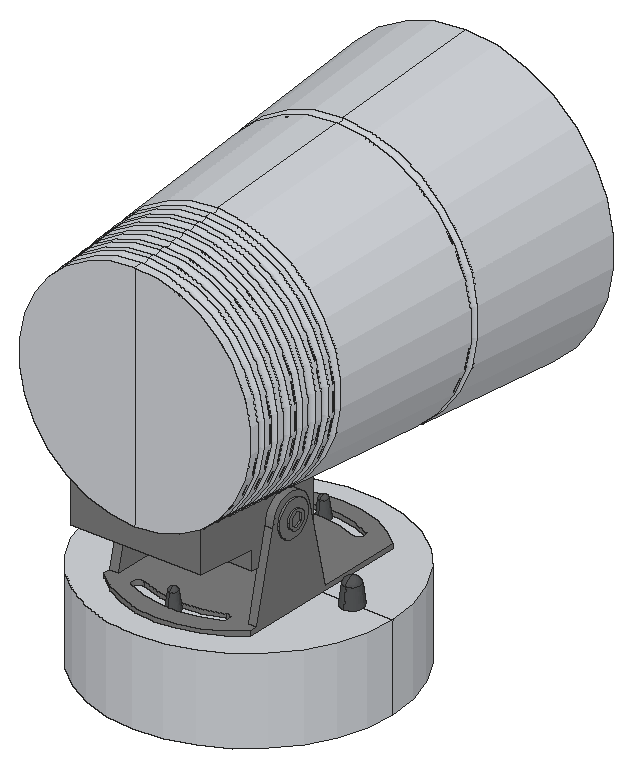
Revit family "REFLECTOR LANDSCAPE 01_RM16W.2.12", category Luminarias, Revit 2019
Family settings
  Cota de conector redondo = Diámetro de uso
  Tipo de pieza = Normal
  Se basa en plano de trabajo = Sí
  Siempre vertical = No
  Corte con vacíos al cargar = No
  Origen de luz = Sí
  Compartido = No
  Punto de cálculo de habitación = No
Parameters (values of type "RM16W.2.12")
  Ángulo de inclinación = 32.00°
  Zone [instance] = ""
  Watt per fixture = 17
  Wattage = 17 W
  built-in parameter 1150107 = 3000 (stored number, unit not read)
  built-in parameter 1150110 = 1 (stored number, unit not read)
  built-in parameter 1150109 = 1 (stored number, unit not read)
  built-in parameter 1150112 = 1 (stored number, unit not read)
  built-in parameter 1150113 = 1 (stored number, unit not read)
  built-in parameter 1114218 = 1 (stored number, unit not read)
  Keynote = ""
  built-in parameter 1150137 = (empty or 0)
  built-in parameter 1150132 = (empty or 0)
  Modelo = "RM16W.2.12"
  Lámpara = "NICHIA"
  built-in parameter 1150105 = 97.47 (stored number, unit not read)
  built-in parameter 1150102 = (empty or 0)
  built-in parameter 1150106 = 0.9747 (stored number, unit not read)
  Lumens = 1224.85 lm
  Color Filter = 16777215
  built-in parameter 1114217 = 1 (stored number, unit not read)
  built-in parameter 1150139 = (empty or 0)
  Fabricante = "BRILLANT"
  Default Elevation = 0 mm
  built-in parameter 1150104 = 6.6937 (stored number, unit not read)
  Descripción = "LUMINARIA TIPO REFLECTOR MONOCROMATICO DIRIGIBLE, CUERPO EN ALUMINIO FUNDIDO A PRESION CUBIERTO DE POLVO GRIS OSCURO Y VIDRIO TEMPLADO DE 3MM, CON UN PESO DE 2KG, CON 130MM DE LARGO POR 170MM DE ALTURA POR 110MM DE DIAMETRO, CUENTA CON 1 LED TIPO NICHIA CON UN CONSUMO DE 17W, 1225 LUMENES, IP 66, IRC 80, IK06, CABLE H05RN DE 0.5M, APERTURA DE 12 GRADOS POR PROYECTO, ALIMENTADA A 100-277V. ACCESORIOS OPCIONALES."
  built-in parameter 1150115 = 1 (stored number, unit not read)
  built-in parameter 1150114 = 1 (stored number, unit not read)
  Comentarios de vataje = "100-277V"
  built-in parameter 1150138 = (empty or 0)
  built-in parameter 1150134 = (empty or 0)
  Circuit [instance] = ""
  Dimming Lamp Color Temperature Shift = 1
  Archivo de red fotométrica = "RM16W.2_12º.ies"
  built-in parameter 1150133 = 10 (stored number, unit not read)
Reference planes
  plane 1 "Centro (Frontal/Posterior)": y = 0
  plane 2: z = 0
  plane 3 "Centro (Izquierda/Derecha)": x = 0
  plane 4: z = 170
Forms (mm)
  Revolve 1, solid, not visible
    sketch origin (-170.518, 44.498, 38.393) x (-1, 0, 0) y (0, 0, -1)
      loop
        line (92.846, -301.911) -> (92.846, -298.113) -> (82.028, -298.113)
        arc (82.028, -298.113) -> (87.129, -300.888) -> (92.846, -301.911) r 18.17
      axis (92.846, -298.113) -> (92.846, -301.911)
    angle from 0 to 360
  Extrusion 2, solid, material "Aluminio", not visible
    sketch origin (0, 0, 0) x (0, 1, 0) y (0, 0, 1)
      loop
        line (104, 336.506) -> (-104, 336.506) -> (-104, 228.571) -> (-94, 228.571)
        arc (-94, 228.571) -> (0, 201.039) -> (94, 228.571) r 174.234
        line (94, 228.571) -> (104, 228.571) -> (104, 336.506)
    from -339.373 to 342.161
  Extrusion 3, solid, material "Aluminio", not visible
    sketch origin (0, 0, 0) x (1, 0, 0) y (0, 1, 0)
      loop
        arc (-299.373, 104) -> (-315.725, 100.505) -> (-329.219, 90.632) r 40
        arc (-329.219, 90.632) -> (-323.254, 83.056) -> (-331.965, 87.19) r 4.952
        arc (-331.965, 87.19) -> (-337.476, 76.172) -> (-339.373, 64) r 40
        line (-339.373, 64) -> (-339.373, 1.506)
        arc (-339.373, 1.506) -> (-329.699, 0.016) -> (-339.373, -1.475) r 4.952
        line (-339.373, -1.475) -> (-339.373, -64)
        arc (-339.373, -64) -> (-337.476, -76.172) -> (-331.965, -87.19) r 40
        arc (-331.965, -87.19) -> (-323.254, -83.056) -> (-329.219, -90.632) r 4.952
        arc (-329.219, -90.632) -> (-315.725, -100.505) -> (-299.373, -104) r 40
        line (-299.373, -104) -> (-226.105, -104)
        arc (-226.105, -104) -> (-224.373, -94.409) -> (-222.642, -104) r 4.952
        line (-222.642, -104) -> (-77.408, -104)
        arc (-77.408, -104) -> (-75, -94.721) -> (-72.592, -104) r 4.952
        line (-72.592, -104) -> (-2.408, -104)
        arc (-2.408, -104) -> (0, -94.721) -> (2.408, -104) r 4.952
        line (2.408, -104) -> (72.592, -104)
        arc (72.592, -104) -> (75, -94.721) -> (77.408, -104) r 4.952
        line (77.408, -104) -> (177.592, -104)
        arc (177.592, -104) -> (180, -94.721) -> (182.408, -104) r 4.952
        line (182.408, -104) -> (302.161, -104)
        arc (302.161, -104) -> (318.513, -100.505) -> (332.007, -90.632) r 40
        arc (332.007, -90.632) -> (326.043, -83.056) -> (334.754, -87.19) r 4.952
        arc (334.754, -87.19) -> (340.265, -76.172) -> (342.161, -64) r 40
        line (342.161, -64) -> (342.161, -1.475)
        arc (342.161, -1.475) -> (332.487, 0.016) -> (342.161, 1.506) r 4.952
        line (342.161, 1.506) -> (342.161, 64)
        arc (342.161, 64) -> (340.265, 76.172) -> (334.754, 87.19) r 40
        arc (334.754, 87.19) -> (326.043, 83.056) -> (332.007, 90.632) r 4.952
        arc (332.007, 90.632) -> (318.513, 100.505) -> (302.161, 104) r 40
        line (302.161, 104) -> (182.408, 104)
        arc (182.408, 104) -> (180, 94.721) -> (177.592, 104) r 4.952
        line (177.592, 104) -> (77.408, 104)
        arc (77.408, 104) -> (75, 94.721) -> (72.592, 104) r 4.952
        line (72.592, 104) -> (2.408, 104)
        arc (2.408, 104) -> (0, 94.721) -> (-2.408, 104) r 4.952
        line (-2.408, 104) -> (-72.592, 104)
        arc (-72.592, 104) -> (-75, 94.721) -> (-77.408, 104) r 4.952
        line (-77.408, 104) -> (-221.965, 104)
        arc (-221.965, 104) -> (-224.373, 94.721) -> (-226.781, 104) r 4.952
        line (-226.781, 104) -> (-299.373, 104)
      loop
        arc (-299.373, 79) -> (-309.98, 74.607) -> (-314.373, 64) r 15
        line (-314.373, 64) -> (-314.373, -64)
        arc (-314.373, -64) -> (-309.98, -74.607) -> (-299.373, -79) r 15
        line (-299.373, -79) -> (302.161, -79)
        arc (302.161, -79) -> (312.768, -74.607) -> (317.161, -64) r 15
        line (317.161, -64) -> (317.161, 64)
        arc (317.161, 64) -> (312.768, 74.607) -> (302.161, 79) r 15
        line (302.161, 79) -> (-299.373, 79)
    from 336.506 to 345
  Extrusion 4, void, not visible
    sketch origin (0, 0, 0) x (1, 0, 0) y (0, 1, 0)
      loop
        arc (-339.373, 64) -> (-327.658, 92.284) -> (-299.373, 104) r 40
        line (-299.373, 104) -> (-339.373, 104) -> (-339.373, 64)
      loop
        line (-339.373, -64) -> (-339.373, -104) -> (-299.373, -104)
        arc (-299.373, -104) -> (-327.658, -92.284) -> (-339.373, -64) r 40
      loop
        line (342.161, 64) -> (342.161, 104) -> (302.161, 104)
        arc (302.161, 104) -> (330.446, 92.284) -> (342.161, 64) r 40
      loop
        arc (342.161, -64) -> (330.446, -92.284) -> (302.161, -104) r 40
        line (302.161, -104) -> (342.161, -104) -> (342.161, -64)
    from 176.462 to 336.506
  Extrusion 5, void, not visible
    sketch origin (0, 0, 0) x (1, 0, 0) y (0, 0, 1)
      loop
        line (-339.373, 184.64) -> (-274.373, 184.64) -> (-274.373, 259.64) -> (-339.373, 259.64) -> (-339.373, 184.64)
    from -104 to 104
  Extrusion 6, solid, material "Cristal", not visible
    sketch origin (0, 0, 0) x (1, 0, 0) y (0, 1, 0)
      loop
        arc (-299.373, 79) -> (-309.98, 74.607) -> (-314.373, 64) r 15
        line (-314.373, 64) -> (-314.373, -64)
        arc (-314.373, -64) -> (-309.98, -74.607) -> (-299.373, -79) r 15
        line (-299.373, -79) -> (302.161, -79)
        arc (302.161, -79) -> (312.768, -74.607) -> (317.161, -64) r 15
        line (317.161, -64) -> (317.161, 64)
        arc (317.161, 64) -> (312.768, 74.607) -> (302.161, 79) r 15
        line (302.161, 79) -> (-299.373, 79)
    from 342.509 to 345
  Revolve 7, solid, not visible
    sketch origin (356.21, 44.498, 38.393) x (-1, 0, 0) y (0, 0, -1)
      loop
        line (92.846, -301.911) -> (92.846, -298.113) -> (82.028, -298.113)
        arc (82.028, -298.113) -> (87.129, -300.888) -> (92.846, -301.911) r 18.17
      axis (92.846, -298.113) -> (92.846, -301.911)
    angle from 0 to 360
  Revolve 8, solid, not visible
    sketch origin (-104.677, 44.498, 38.393) x (-1, 0, 0) y (0, 0, -1)
      loop
        line (92.846, -301.911) -> (92.846, -298.113) -> (82.028, -298.113)
        arc (82.028, -298.113) -> (87.129, -300.888) -> (92.846, -301.911) r 18.17
      axis (92.846, -298.113) -> (92.846, -301.911)
    angle from 0 to 360
  Revolve 9, solid, not visible
    sketch origin (-38.836, 44.498, 38.393) x (-1, 0, 0) y (0, 0, -1)
      loop
        line (92.846, -301.911) -> (92.846, -298.113) -> (82.028, -298.113)
        arc (82.028, -298.113) -> (87.129, -300.888) -> (92.846, -301.911) r 18.17
      axis (92.846, -298.113) -> (92.846, -301.911)
    angle from 0 to 360
  Revolve 10, solid, not visible
    sketch origin (27.005, 44.498, 38.393) x (-1, 0, 0) y (0, 0, -1)
      loop
        line (92.846, -301.911) -> (92.846, -298.113) -> (82.028, -298.113)
        arc (82.028, -298.113) -> (87.129, -300.888) -> (92.846, -301.911) r 18.17
      axis (92.846, -298.113) -> (92.846, -301.911)
    angle from 0 to 360
  Revolve 11, solid, not visible
    sketch origin (92.846, 44.498, 38.393) x (-1, 0, 0) y (0, 0, -1)
      loop
        line (92.846, -301.911) -> (92.846, -298.113) -> (82.028, -298.113)
        arc (82.028, -298.113) -> (87.129, -300.888) -> (92.846, -301.911) r 18.17
      axis (92.846, -298.113) -> (92.846, -301.911)
    angle from 0 to 360
  Revolve 12, solid, not visible
    sketch origin (158.687, 44.498, 38.393) x (-1, 0, 0) y (0, 0, -1)
      loop
        line (92.846, -301.911) -> (92.846, -298.113) -> (82.028, -298.113)
        arc (82.028, -298.113) -> (87.129, -300.888) -> (92.846, -301.911) r 18.17
      axis (92.846, -298.113) -> (92.846, -301.911)
    angle from 0 to 360
  Revolve 13, solid, not visible
    sketch origin (224.528, 44.498, 38.393) x (-1, 0, 0) y (0, 0, -1)
      loop
        line (92.846, -301.911) -> (92.846, -298.113) -> (82.028, -298.113)
        arc (82.028, -298.113) -> (87.129, -300.888) -> (92.846, -301.911) r 18.17
      axis (92.846, -298.113) -> (92.846, -301.911)
    angle from 0 to 360
  Revolve 14, solid, not visible
    sketch origin (290.369, 44.498, 38.393) x (-1, 0, 0) y (0, 0, -1)
      loop
        line (92.846, -301.911) -> (92.846, -298.113) -> (82.028, -298.113)
        arc (82.028, -298.113) -> (87.129, -300.888) -> (92.846, -301.911) r 18.17
      axis (92.846, -298.113) -> (92.846, -301.911)
    angle from 0 to 360
  Revolve 15, solid, not visible
    sketch origin (-137.598, 0, 38.393) x (-1, 0, 0) y (0, 0, -1)
      loop
        line (92.846, -301.911) -> (92.846, -298.113) -> (82.028, -298.113)
        arc (82.028, -298.113) -> (87.129, -300.888) -> (92.846, -301.911) r 18.17
      axis (92.846, -298.113) -> (92.846, -301.911)
    angle from 0 to 360
  Revolve 16, solid, not visible
    sketch origin (389.13, 0, 38.393) x (-1, 0, 0) y (0, 0, -1)
      loop
        line (92.846, -301.911) -> (92.846, -298.113) -> (82.028, -298.113)
        arc (82.028, -298.113) -> (87.129, -300.888) -> (92.846, -301.911) r 18.17
      axis (92.846, -298.113) -> (92.846, -301.911)
    angle from 0 to 360
  Revolve 17, solid, not visible
    sketch origin (-71.757, 0, 38.393) x (-1, 0, 0) y (0, 0, -1)
      loop
        line (92.846, -301.911) -> (92.846, -298.113) -> (82.028, -298.113)
        arc (82.028, -298.113) -> (87.129, -300.888) -> (92.846, -301.911) r 18.17
      axis (92.846, -298.113) -> (92.846, -301.911)
    angle from 0 to 360
  Revolve 18, solid, not visible
    sketch origin (-5.916, 0, 38.393) x (-1, 0, 0) y (0, 0, -1)
      loop
        line (92.846, -301.911) -> (92.846, -298.113) -> (82.028, -298.113)
        arc (82.028, -298.113) -> (87.129, -300.888) -> (92.846, -301.911) r 18.17
      axis (92.846, -298.113) -> (92.846, -301.911)
    angle from 0 to 360
  Revolve 19, solid, not visible
    sketch origin (59.925, 0, 38.393) x (-1, 0, 0) y (0, 0, -1)
      loop
        line (92.846, -301.911) -> (92.846, -298.113) -> (82.028, -298.113)
        arc (82.028, -298.113) -> (87.129, -300.888) -> (92.846, -301.911) r 18.17
      axis (92.846, -298.113) -> (92.846, -301.911)
    angle from 0 to 360
  Revolve 20, solid, not visible
    sketch origin (125.766, 0, 38.393) x (-1, 0, 0) y (0, 0, -1)
      loop
        line (92.846, -301.911) -> (92.846, -298.113) -> (82.028, -298.113)
        arc (82.028, -298.113) -> (87.129, -300.888) -> (92.846, -301.911) r 18.17
      axis (92.846, -298.113) -> (92.846, -301.911)
    angle from 0 to 360
  Revolve 21, solid, not visible
    sketch origin (191.607, 0, 38.393) x (-1, 0, 0) y (0, 0, -1)
      loop
        line (92.846, -301.911) -> (92.846, -298.113) -> (82.028, -298.113)
        arc (82.028, -298.113) -> (87.129, -300.888) -> (92.846, -301.911) r 18.17
      axis (92.846, -298.113) -> (92.846, -301.911)
    angle from 0 to 360
  Revolve 22, solid, not visible
    sketch origin (257.448, 0, 38.393) x (-1, 0, 0) y (0, 0, -1)
      loop
        line (92.846, -301.911) -> (92.846, -298.113) -> (82.028, -298.113)
        arc (82.028, -298.113) -> (87.129, -300.888) -> (92.846, -301.911) r 18.17
      axis (92.846, -298.113) -> (92.846, -301.911)
    angle from 0 to 360
  Revolve 23, solid, not visible
    sketch origin (323.289, 0, 38.393) x (-1, 0, 0) y (0, 0, -1)
      loop
        line (92.846, -301.911) -> (92.846, -298.113) -> (82.028, -298.113)
        arc (82.028, -298.113) -> (87.129, -300.888) -> (92.846, -301.911) r 18.17
      axis (92.846, -298.113) -> (92.846, -301.911)
    angle from 0 to 360
  Revolve 24, solid, not visible
    sketch origin (-170.518, -44.498, 38.393) x (-1, 0, 0) y (0, 0, 1)
      loop
        arc (92.846, 301.911) -> (87.129, 300.888) -> (82.028, 298.113) r 18.17
        line (82.028, 298.113) -> (92.846, 298.113) -> (92.846, 301.911)
      axis (92.846, 298.113) -> (92.846, 301.911)
    angle from 0 to 360
  Revolve 25, solid, not visible
    sketch origin (356.21, -44.498, 38.393) x (-1, 0, 0) y (0, 0, 1)
      loop
        arc (92.846, 301.911) -> (87.129, 300.888) -> (82.028, 298.113) r 18.17
        line (82.028, 298.113) -> (92.846, 298.113) -> (92.846, 301.911)
      axis (92.846, 298.113) -> (92.846, 301.911)
    angle from 0 to 360
  Revolve 26, solid, not visible
    sketch origin (-104.677, -44.498, 38.393) x (-1, 0, 0) y (0, 0, 1)
      loop
        arc (92.846, 301.911) -> (87.129, 300.888) -> (82.028, 298.113) r 18.17
        line (82.028, 298.113) -> (92.846, 298.113) -> (92.846, 301.911)
      axis (92.846, 298.113) -> (92.846, 301.911)
    angle from 0 to 360
  Revolve 27, solid, not visible
    sketch origin (-38.836, -44.498, 38.393) x (-1, 0, 0) y (0, 0, 1)
      loop
        arc (92.846, 301.911) -> (87.129, 300.888) -> (82.028, 298.113) r 18.17
        line (82.028, 298.113) -> (92.846, 298.113) -> (92.846, 301.911)
      axis (92.846, 298.113) -> (92.846, 301.911)
    angle from 0 to 360
  Revolve 28, solid, not visible
    sketch origin (27.005, -44.498, 38.393) x (-1, 0, 0) y (0, 0, 1)
      loop
        arc (92.846, 301.911) -> (87.129, 300.888) -> (82.028, 298.113) r 18.17
        line (82.028, 298.113) -> (92.846, 298.113) -> (92.846, 301.911)
      axis (92.846, 298.113) -> (92.846, 301.911)
    angle from 0 to 360
  Revolve 29, solid, not visible
    sketch origin (92.846, -44.498, 38.393) x (-1, 0, 0) y (0, 0, 1)
      loop
        arc (92.846, 301.911) -> (87.129, 300.888) -> (82.028, 298.113) r 18.17
        line (82.028, 298.113) -> (92.846, 298.113) -> (92.846, 301.911)
      axis (92.846, 298.113) -> (92.846, 301.911)
    angle from 0 to 360
  Revolve 30, solid, not visible
    sketch origin (158.687, -44.498, 38.393) x (-1, 0, 0) y (0, 0, 1)
      loop
        arc (92.846, 301.911) -> (87.129, 300.888) -> (82.028, 298.113) r 18.17
        line (82.028, 298.113) -> (92.846, 298.113) -> (92.846, 301.911)
      axis (92.846, 298.113) -> (92.846, 301.911)
    angle from 0 to 360
  Revolve 31, solid, not visible
    sketch origin (224.528, -44.498, 38.393) x (-1, 0, 0) y (0, 0, 1)
      loop
        arc (92.846, 301.911) -> (87.129, 300.888) -> (82.028, 298.113) r 18.17
        line (82.028, 298.113) -> (92.846, 298.113) -> (92.846, 301.911)
      axis (92.846, 298.113) -> (92.846, 301.911)
    angle from 0 to 360
  Revolve 32, solid, not visible
    sketch origin (290.369, -44.498, 38.393) x (-1, 0, 0) y (0, 0, 1)
      loop
        arc (92.846, 301.911) -> (87.129, 300.888) -> (82.028, 298.113) r 18.17
        line (82.028, 298.113) -> (92.846, 298.113) -> (92.846, 301.911)
      axis (92.846, 298.113) -> (92.846, 301.911)
    angle from 0 to 360
  Revolve 33, solid
    sketch origin (0, 0, 0) x (1, 0, 0) y (0, 0, 1)
      loop
        line (-56, 0) -> (-51, 0) -> (-51, 28) -> (0, 28) -> (0, 33) -> (-56, 33) -> (-56, 0)
      axis (0, 33) -> (0, 0)
    angle from 0 to 360
  Revolve 34, solid
    sketch origin (0, 0, -55) x (0, 1, 0) y (0, 0, 1)
      loop
        line (105.563, 115.748) -> (42.633, 120.589) -> (42.633, 126.271) -> (38.979, 126.271) -> (35.954, 127.081) -> (18.276, 144.759) -> (18.276, 155)
        arc (18.276, 155) -> (24.402, 161.471) -> (26.981, 170) r 19.358
        line (26.981, 170) -> (-55, 170) -> (-55, 125) -> (-51.764, 124.751)
        arc (-51.764, 124.751) -> (-50.024, 125.659) -> (-48.443, 124.496) r 1.854
        line (-48.443, 124.496) -> (-46.174, 124.321)
        arc (-46.174, 124.321) -> (-44.435, 125.229) -> (-42.854, 124.066) r 1.854
        line (-42.854, 124.066) -> (-40.585, 123.891)
        arc (-40.585, 123.891) -> (-38.845, 124.799) -> (-37.265, 123.636) r 1.854
        line (-37.265, 123.636) -> (-34.996, 123.461)
        arc (-34.996, 123.461) -> (-33.256, 124.369) -> (-31.675, 123.206) r 1.854
        line (-31.675, 123.206) -> (-29.406, 123.031)
        arc (-29.406, 123.031) -> (-27.666, 123.939) -> (-26.086, 122.776) r 1.854
        line (-26.086, 122.776) -> (-23.817, 122.601)
        arc (-23.817, 122.601) -> (-22.077, 123.509) -> (-20.497, 122.346) r 1.854
        line (-20.497, 122.346) -> (-18.227, 122.171)
        arc (-18.227, 122.171) -> (-16.488, 123.079) -> (-14.907, 121.916) r 1.854
        line (-14.907, 121.916) -> (42.633, 117.49)
        arc (42.633, 117.49) -> (44.372, 118.398) -> (45.953, 117.234) r 1.854
        line (45.953, 117.234) -> (105.563, 112.649) -> (105.563, 115.748)
      axis (-55, 170) -> (105.563, 170)
    angle from 0 to 360
  Extrusion 35, solid, material "Aluminio"
    sketch origin (0, 0, -55) x (0, 1, 0) y (0, 0, 1)
      loop
        line (-54.831, 155.951) -> (-54.831, 116.739) -> (-29.908, 114.78) -> (-29.908, 107.468) -> (0, 105.117) -> (0, 151.64) -> (-54.831, 155.951)
    from -25.149 to 25.149
  Extrusion 36, solid, material "Aluminio"
    sketch origin (0, 0, 0) x (0, 1, 0) y (0, 0, 1)
      loop
        line (2, 33) -> (-6.023, 65.593)
        arc (-6.023, 65.593) -> (-14.907, 74.478) -> (-23.792, 65.593) r 8.885
        line (-23.792, 65.593) -> (-31.939, 33) -> (2, 33)
    from -28.531 to -25.149
  Extrusion 37, solid, material "Aluminio"
    sketch origin (0, 0, 8.125) x (0, 1, 0) y (0, 0, 1)
      loop
        circle (-14.907, 57.468) r 6.883
    from -29.584 to -28.531
  Extrusion 38, solid, material "Aluminio"
    sketch origin (0, 0, 8.125) x (0, 1, 0) y (0, 0, 1)
      loop
        circle (-14.907, 57.468) r 3.559
      loop
        line (-14.907, 60.379) -> (-17.428, 58.924) -> (-17.428, 56.013) -> (-14.907, 54.557) -> (-12.386, 56.013) -> (-12.386, 58.924) -> (-14.907, 60.379)
    from -30.722 to -29.584
  Extrusion 39, solid, material "Aluminio"
    sketch origin (0, 0, 0) x (1, 0, 0) y (0, 1, 0)
      loop
        line (28.531, -34.399) -> (28.531, 34.399)
        arc (28.531, 34.399) -> (0, 45.988) -> (-28.531, 34.399) r 40.914
        line (-28.531, 34.399) -> (-28.531, -34.399)
        arc (-28.531, -34.399) -> (0, -45.988) -> (28.531, -34.399) r 40.914
      loop
        arc (-17.728, 34.973) -> (-18.424, 31.886) -> (-15.382, 31.012) r 2.306
        arc (-15.382, 31.012) -> (0.2, 34.013) -> (15.751, 30.86) r 40.914
        arc (15.751, 30.86) -> (18.519, 32.062) -> (17.728, 34.973) r 2.306
        arc (17.728, 34.973) -> (0, 39.014) -> (-17.728, 34.973) r 40.914
      loop
        arc (-17.728, -34.973) -> (0, -39.014) -> (17.728, -34.973) r 40.914
        arc (17.728, -34.973) -> (18.519, -32.062) -> (15.751, -30.86) r 2.306
        arc (15.751, -30.86) -> (0.2, -34.013) -> (-15.382, -31.012) r 40.914
        arc (-15.382, -31.012) -> (-18.424, -31.886) -> (-17.728, -34.973) r 2.306
    from 33 to 34.635
  Extrusion 40, solid, material "Aluminio"
    sketch origin (0, 0, 0) x (0, 1, 0) y (0, 0, -1)
      loop
        line (2, -33) -> (-31.939, -33) -> (-23.792, -65.593)
        arc (-23.792, -65.593) -> (-14.907, -74.478) -> (-6.023, -65.593) r 8.885
        line (-6.023, -65.593) -> (2, -33)
    from -28.531 to -25.149
  Extrusion 41, solid, material "Aluminio"
    sketch origin (0, 0, 8.125) x (0, 1, 0) y (0, 0, -1)
      loop
        circle (-14.907, -57.468) r 6.883
    from -29.584 to -28.531
  Extrusion 42, solid, material "Aluminio"
    sketch origin (0, 0, 8.125) x (0, 1, 0) y (0, 0, -1)
      loop
        circle (-14.907, -57.468) r 3.559
      loop
        line (-14.907, -60.379) -> (-12.386, -58.924) -> (-12.386, -56.013) -> (-14.907, -54.557) -> (-17.428, -56.013) -> (-17.428, -58.924) -> (-14.907, -60.379)
    from -30.722 to -29.584
  Revolve 43, solid, material "Plastico"
    sketch origin (0, 2.08, 0) x (0, 1, 0) y (0, 0, 1)
      loop
        line (36.899, 33) -> (36.085, 39.627)
        arc (36.085, 39.627) -> (35.469, 40.576) -> (34.399, 40.945) r 1.738
        line (34.399, 40.945) -> (34.399, 33) -> (36.899, 33)
      axis (34.399, 33) -> (34.399, 40.945)
    angle from 0 to 360
  Revolve 44, solid, material "Plastico"
    sketch origin (0, -2.08, 0) x (0, -1, 0) y (0, 0, 1)
      loop
        line (36.899, 33) -> (36.085, 39.627)
        arc (36.085, 39.627) -> (35.469, 40.576) -> (34.399, 40.945) r 1.738
        line (34.399, 40.945) -> (34.399, 33) -> (36.899, 33)
      axis (34.399, 33) -> (34.399, 40.945)
    angle from 0 to 360
  Revolve 45, solid, material "Plastico"
    sketch origin (-40.324, 34.227, 0) x (0, -1, 0) y (0, 0, 1)
      loop
        line (38.461, 33) -> (37.551, 40.413)
        arc (37.551, 40.413) -> (36.399, 42.187) -> (34.399, 42.876) r 3.249
        line (34.399, 42.876) -> (34.399, 33) -> (38.461, 33)
      axis (34.399, 33) -> (34.399, 42.876)
    angle from 0 to 360
  Revolve 46, solid, material "Plastico"
    sketch origin (40.324, 34.227, 0) x (0, -1, 0) y (0, 0, 1)
      loop
        line (38.461, 33) -> (37.551, 40.413)
        arc (37.551, 40.413) -> (36.399, 42.187) -> (34.399, 42.876) r 3.249
        line (34.399, 42.876) -> (34.399, 33) -> (38.461, 33)
      axis (34.399, 33) -> (34.399, 42.876)
    angle from 0 to 360
  Extrusion 47, solid, material "Cristal"
    sketch origin (0, 0, 0) x (1, 0, 0) y (0, 0, 1)
      loop
        circle (0, 115) r 43.729
    from -41.19 to -42.633
Cuts and joins
  joined: Extrusion 36, Extrusion 39, Extrusion 40
Dimensions and locks
  plane 4 to level = 170 mm  (x2)
  plane 3 "Centro (Izquierda/Derecha)" to Revolve 33 sketch curve = 56 mm
  Revolve 34 sketch curve to Revolve 34 sketch curve = 45 mm
  plane 4 to Revolve 34 sketch curve = 112.351 mm
  Revolve 34 sketch curve to Revolve 34 sketch curve = 160.563 mm
  Revolve 33 to Revolve 33 = 33 mm
  aligned and locked: level to plane 2
Connectors
  electrical at (0, 0, 0)
    settings: on Revolve 33, index 1, voltage 277 V, apparent load 0 VA, apparent load phase1 0 VA, apparent load phase2 0 VA, apparent load phase3 0 VA, power factor 1, load classification "Otro", number of poles 1, system type 31, power factor state 1, is connector primary yes, connector utility no, sub classification motor no, connector description ""
